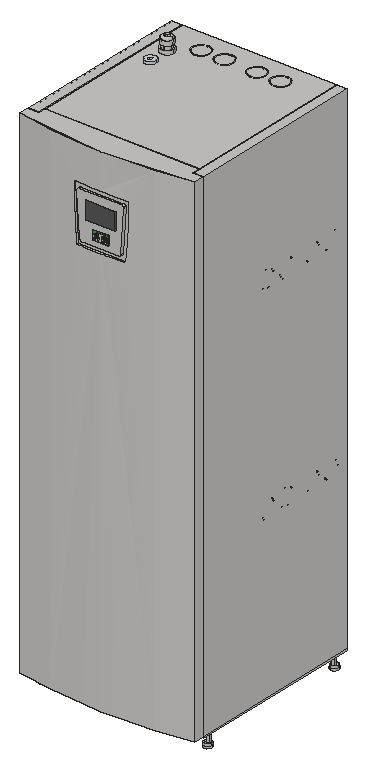
Revit family "HVAC_Heaters_Enertech_CTC-EcoPart-400 Pro", category Specialty Equipment, Revit 2017
Family settings
  Round Connector Dimension = Use Diameter
  Part Type = Normal
  OmniClass Number = 23.75.00.00
  OmniClass Title = Climate Control (HVAC)
  Work Plane-Based = No
  Always vertical = Yes
  Cut with Voids When Loaded = No
  Shared = No
  Room Calculation Point = No
Parameters (values of type "CTC EcoPart i430 Pro - 230V1N")
  Weight = "357 kg"
  WaterVolumeWaterSuply = "N/A"
  WaterVolumeHeathingSystem = "N/A"
  WarrantyStartDate [instance] = "n/a"
  WarrantyGuarantorParts = "n/a"
  WarrantyGuarantorLabor = "n/a"
  WarrantyDurationUnit = "Year"
  WarrantyDurationParts = "n/a"
  WarrantyDurationLabor = "n/a"
  WarrantyDescription = "n/a"
  VersionDate = "10/11/2020"  # constant formula
  Version = "1"  # constant formula
  UsageCurrent = 0 A
  Uniclass2015Reference = "Pr_40_70_65"
  Uniclass2015Description = "Preparation catering equipment"
  Uniclass2 = "Pr_40_70_65"
  URL = "https://ctc-heating.com/products/ground-source-heating"
  UNSPSCCode = "40101806"
  Type Comments = ""
  Touchscreen = "yes"
  TagNumber [instance] = "n/a"
  SustainabilityPerformance = "n/a"
  Status = "n/a"
  SpecifiedOutput = "28.94 kW"
  SoundPowerLWA = "53 dB"
  Sound pressureLPA 5m = "N/A"
  Sound pressureLPA 1m = "48 dB"
  Sound pressureLPA 10m = "N/A"
  Size = "673x596x1760 mm"
  Shape = "Rectangular"
  SerialNumber [instance] = "7310 xxxx xxxx"
  SEERWarm = "N/A"
  SEERModerate = "N/A"
  SEERCold = "N/A"
  SCOPWarm = "4.5"
  SCOPModerate = "4.6"
  SCOPCold = "4.6"
  Revision = "4"  # constant formula
  ReplacementCost = "n/a"
  RefrigerantType = "R407C"
  RefrigerantQuantity = "5.4 kg (2.7+2.7)"
  ReferenceAirFlowRate = "N/A"
  Reference = "n/a"
  RatedVoltage = 1200 V
  RatedHeatOutputModerate = "32 kw"
  RatedCurrent = 38 A
  PumpMainMaterial = Stainless Steel
  ProductInformation = "CTC EcoPart Pro/Basic is a series of large geothermal heat pumps without hotwater preparation. Using separate cooling modules, CTC EcoPart Pro/Basic is able to increase output in three stages. This provides gentler operation and better adaptation to the building's various output requirements. \nCTC EcoPart Pro/Basic is available in three sizes: 25, 30 and 35 kW which can be connected in series to produce up to 170 kW (1 x CTC EcoPart Pro + 4 x CTC EcoPart Basic). "
  PowerFactor = 0 W
  PhaseReference = "n/a"
  PhaseAngle = 0.00°
  OutputRangeIimmersionHeater = "N/A"
  OutputRange = "N/A"
  NumberOfPoles = 3
  NominalWidth = 596 mm
  NominalVoltage = 400 V
  NominalHeight = 1760 mm
  NominalHeatingOutput = "26/24"
  NominalFrequencyRange = 50 Hz
  NominalDepth = 673 mm
  NominalCurrent = 0 A
  Name = "CTC-EcoPart-400 Pro"  # constant formula
  NBSReference = "90-40-40/320"
  NBSDescription = "Air to water heat pumps"
  ModelReference = "n/a"
  ModelNumber = "587001002"
  MaxStartingCurrent = "60.0 A (30.0 + 30.0)"
  MaxOperatingPressureThermalStore = "3 bar"
  MaxOperatingPressureHotWater = "N/A"
  MaxAirFlowRate = "N/A"
  Material = "Steel/copper"
  ManufacturerURL = "https://ctc.se/"
  ManufacturerName = "Enertech AB"
  Model = "CTC EcoPart i430 Pro"
  ManufacturerCountry = "Sweden"
  Manufacturer = "Enertech AB"
  InsulationStandardClass = "n/a"
  InstallationDate [instance] = "n/a"
  InPutPower = "6.38 kW"
  IfcExportType = "HEATER"  # constant formula
  IfcExportAs = "IfcElectricalDeviceCommon"  # constant formula
  IP_Code = "IP X1"
  HotTapWaterPerformance = "N/A"
  HasProtectiveEarth = yes
  GroupFuse = "40 A"
  Grade = "n/a"
  Finish = "n/a"
  Features = "n/a"
  ExpectedLife = "n/a"
  EnergyEfficiencyClassForHeatingSystem = "A++/A++"
  EnergyEfficiencyClass = "A+++/A++"
  EnergyClass_HotWater_TapProfile = "N/A"
  EnergyClassHeatingWithoutControl = "A++"
  EnergyClassHeatingWithControl = "A+++"
  EANNumber = "7333077000646"
  DurationUnit = "Year"
  Description = "CTC EcoPart Pro/Basic is a series of large geothermal heat pumps without hotwater preparation. Using separate cooling modules, CTC EcoPart Pro/Basic is able to increase output in three stages. This provides gentler operation and better adaptation to the building's various output requirements. \nCTC EcoPart Pro/Basic is available in three sizes: 25, 30 and 35 kW which can be connected in series to produce up to 170 kW (1 x CTC EcoPart Pro + 4 x CTC EcoPart Basic). "
  Cost = 0
  CoolingModule_Bottom_Top = "414/410"
  ConvergoRefNr = "0091-1710-0005-SE"
  Constituents = "n/a"
  ConductorFunction = "n/a"
  Color = "white"
  CodePerformance = "n/a"
  Capacity = "Fixed"
  COPTop = "4.60/3.68/2.98"
  COPBottom = "4.54/3.64/2.95"
  COP = "4.54"
  CO2Equivalent = "9.579 tonnes"
  BrineSystem_Min_MaxPressure = "0.2 - 3.0 bar"
  Barcode [instance] = "n/a"
  AssetIdentifier [instance] = "n/a"
  Category = "Heat pumps, Geothermal"
  Brand = "CTC"
  BIMObjectName = "HVAC_Heaters_Enertech_CTC-EcoPart-400 Pro"  # constant formula
  Author = "Convergo AB"  # constant formula
  AssetType = "Fixed"
  Artikel nr. = ""
  AirFlow = "N/A"
  Accessories = ""
  AccessibilityPerformance = "n/a"
Reference planes
  plane 1 "Center (Front/Back)": y = 0
  plane 2: z = 0
  plane 3 "Center (Left/Right)": x = 0
  plane 4: x = -298
  plane 5: x = 298
  plane 6: y = 336.5
  plane 7: y = -336.5
  plane 8: z = 1760
Forms (mm)
  Extrusion 1, solid, material "Stainless Steel" <- "PumpMainMaterial", detail levels medium+fine
    sketch origin (0, 0, 0) x (1, 0, 0) y (0, 1, 0)
      loop
        line (-263, -247.014) -> (263, -247.014) -> (263, 336.5) -> (-263, 336.5) -> (-263, -247.014)
      loop
        line (261, 334.5) -> (-261, 334.5) -> (-261, -245.014) -> (261, -245.014) -> (261, 334.5)
    from 1757 to 52.5
  Extrusion 2, solid, material "Stainless Steel" <- "PumpMainMaterial", detail levels medium+fine
    sketch origin (0, 0, 0) x (1, 0, 0) y (0, 1, 0)
      loop
        line (-263, 336.5) -> (-263, -247.014) -> (263, -247.014) -> (263, 336.5) -> (-263, 336.5)
    from 1760 to 1757
  Extrusion 3, solid, material "Stainless Steel" <- "PumpMainMaterial", detail levels medium+fine
    sketch origin (0, 0, 0) x (1, 0, 0) y (0, 1, 0)
      loop
        line (-298, -273.014) -> (-263, -273.014) -> (-263, 336.5) -> (-298, 336.5) -> (-298, -273.014)
      loop
        line (-265, 334.5) -> (-296, 334.5) -> (-296, -271.014) -> (-265, -271.014) -> (-265, 334.5)
      loop
        line (298, -273.014) -> (298, 336.5) -> (263, 336.5) -> (263, -273.014) -> (298, -273.014)
      loop
        line (265, 334.5) -> (265, -271.014) -> (296, -271.014) -> (296, 334.5) -> (265, 334.5)
    from 52.5 to 1757
  Extrusion 4, solid, material "Stainless Steel" <- "PumpMainMaterial", detail levels medium+fine
    sketch origin (0, 0, 0) x (1, 0, 0) y (0, 1, 0)
      loop
        line (-298, -273.014) -> (-263, -273.014) -> (-263, 336.5) -> (-298, 336.5) -> (-298, -273.014)
      loop
        line (298, -273.014) -> (298, 336.5) -> (263, 336.5) -> (263, -273.014) -> (298, -273.014)
    from 1757 to 1760
  Extrusion 5, solid, material "Stainless Steel" <- "PumpMainMaterial", detail levels medium+fine
    sketch origin (0, 0, 0) x (1, 0, 0) y (0, 0, 1)
      loop
        line (-298, 52.518) -> (-298, 47.518) -> (-263, 47.518) -> (-263, 28) -> (263, 28) -> (263, 47.518) -> (298, 47.518) -> (298, 52.518) -> (-298, 52.518)
    from -336 to 272.514
  Extrusion 6, void
    sketch origin (0, 0, 0) x (1, 0, 0) y (0, 1, 0)
      loop
        arc (-135.992, 288.017) -> (-156.547, 279.105) -> (-165.459, 258.55) r 30.484
        line (-165.459, 258.55) -> (-163.458, 258.55)
        arc (-163.458, 258.55) -> (-155.133, 277.691) -> (-135.992, 286.016) r 28.484
        line (-135.992, 286.016) -> (-135.992, 288.017)
      loop
        line (-133.992, 288.017) -> (-133.992, 286.016)
        arc (-133.992, 286.016) -> (-114.851, 277.691) -> (-106.526, 258.55) r 28.484
        line (-106.526, 258.55) -> (-104.525, 258.55)
        arc (-104.525, 258.55) -> (-113.437, 279.105) -> (-133.992, 288.017) r 30.484
      loop
        arc (-165.459, 256.55) -> (-156.547, 235.995) -> (-135.992, 227.083) r 30.484
        line (-135.992, 227.083) -> (-135.992, 229.084)
        arc (-135.992, 229.084) -> (-155.133, 237.409) -> (-163.458, 256.55) r 28.484
        line (-163.458, 256.55) -> (-165.459, 256.55)
      loop
        line (-133.992, 229.084) -> (-133.992, 227.083)
        arc (-133.992, 227.083) -> (-113.437, 235.995) -> (-104.525, 256.55) r 30.484
        line (-104.525, 256.55) -> (-106.526, 256.55)
        arc (-106.526, 256.55) -> (-114.851, 237.409) -> (-133.992, 229.084) r 28.484
      loop
        arc (-55.992, 288.017) -> (-76.547, 279.105) -> (-85.459, 258.55) r 30.484
        line (-85.459, 258.55) -> (-83.458, 258.55)
        arc (-83.458, 258.55) -> (-75.133, 277.691) -> (-55.992, 286.016) r 28.484
        line (-55.992, 286.016) -> (-55.992, 288.017)
      loop
        line (-53.992, 288.017) -> (-53.992, 286.016)
        arc (-53.992, 286.016) -> (-34.851, 277.691) -> (-26.526, 258.55) r 28.484
        line (-26.526, 258.55) -> (-24.525, 258.55)
        arc (-24.525, 258.55) -> (-33.437, 279.105) -> (-53.992, 288.017) r 30.484
      loop
        arc (-85.459, 256.55) -> (-76.547, 235.995) -> (-55.992, 227.083) r 30.484
        line (-55.992, 227.083) -> (-55.992, 229.084)
        arc (-55.992, 229.084) -> (-75.133, 237.409) -> (-83.458, 256.55) r 28.484
        line (-83.458, 256.55) -> (-85.459, 256.55)
      loop
        line (-53.992, 229.084) -> (-53.992, 227.083)
        arc (-53.992, 227.083) -> (-33.437, 235.995) -> (-24.525, 256.55) r 30.484
        line (-24.525, 256.55) -> (-26.526, 256.55)
        arc (-26.526, 256.55) -> (-34.851, 237.409) -> (-53.992, 229.084) r 28.484
      loop
        line (135.992, 288.017) -> (135.992, 286.016)
        arc (135.992, 286.016) -> (155.133, 277.691) -> (163.458, 258.55) r 28.484
        line (163.458, 258.55) -> (165.459, 258.55)
        arc (165.459, 258.55) -> (156.547, 279.105) -> (135.992, 288.017) r 30.484
      loop
        arc (133.992, 288.017) -> (113.437, 279.105) -> (104.525, 258.55) r 30.484
        line (104.525, 258.55) -> (106.526, 258.55)
        arc (106.526, 258.55) -> (114.851, 277.691) -> (133.992, 286.016) r 28.484
        line (133.992, 286.016) -> (133.992, 288.017)
      loop
        line (165.459, 256.55) -> (163.458, 256.55)
        arc (163.458, 256.55) -> (155.133, 237.409) -> (135.992, 229.084) r 28.484
        line (135.992, 229.084) -> (135.992, 227.083)
        arc (135.992, 227.083) -> (156.547, 235.995) -> (165.459, 256.55) r 30.484
      loop
        arc (133.992, 229.084) -> (114.851, 237.409) -> (106.526, 256.55) r 28.484
        line (106.526, 256.55) -> (104.525, 256.55)
        arc (104.525, 256.55) -> (113.437, 235.995) -> (133.992, 227.083) r 30.484
        line (133.992, 227.083) -> (133.992, 229.084)
      loop
        line (55.992, 288.017) -> (55.992, 286.016)
        arc (55.992, 286.016) -> (75.133, 277.691) -> (83.458, 258.55) r 28.484
        line (83.458, 258.55) -> (85.459, 258.55)
        arc (85.459, 258.55) -> (76.547, 279.105) -> (55.992, 288.017) r 30.484
      loop
        arc (53.992, 288.017) -> (33.437, 279.105) -> (24.525, 258.55) r 30.484
        line (24.525, 258.55) -> (26.526, 258.55)
        arc (26.526, 258.55) -> (34.851, 277.691) -> (53.992, 286.016) r 28.484
        line (53.992, 286.016) -> (53.992, 288.017)
      loop
        line (85.459, 256.55) -> (83.458, 256.55)
        arc (83.458, 256.55) -> (75.133, 237.409) -> (55.992, 229.084) r 28.484
        line (55.992, 229.084) -> (55.992, 227.083)
        arc (55.992, 227.083) -> (76.547, 235.995) -> (85.459, 256.55) r 30.484
      loop
        arc (53.992, 229.084) -> (34.851, 237.409) -> (26.526, 256.55) r 28.484
        line (26.526, 256.55) -> (24.525, 256.55)
        arc (24.525, 256.55) -> (33.437, 235.995) -> (53.992, 227.083) r 30.484
        line (53.992, 227.083) -> (53.992, 229.084)
    from 1692.47 to 1786.05
  Extrusion 7, void
    sketch origin (0, 0, 0) x (0, 1, 0) y (0, 0, 1)
      loop
        line (266.984, 1360.467) -> (266.984, 1358.466)
        arc (266.984, 1358.466) -> (286.125, 1350.141) -> (294.45, 1331) r 28.484
        line (294.45, 1331) -> (296.451, 1331)
        arc (296.451, 1331) -> (287.539, 1351.555) -> (266.984, 1360.467) r 30.484
      loop
        arc (264.984, 1360.467) -> (244.428, 1351.555) -> (235.516, 1331) r 30.484
        line (235.516, 1331) -> (237.518, 1331)
        arc (237.518, 1331) -> (245.843, 1350.141) -> (264.984, 1358.466) r 28.484
        line (264.984, 1358.466) -> (264.984, 1360.467)
      loop
        line (296.451, 1329) -> (294.45, 1329)
        arc (294.45, 1329) -> (286.125, 1309.859) -> (266.984, 1301.534) r 28.484
        line (266.984, 1301.534) -> (266.984, 1299.533)
        arc (266.984, 1299.533) -> (287.539, 1308.445) -> (296.451, 1329) r 30.484
      loop
        arc (264.984, 1301.534) -> (245.843, 1309.859) -> (237.518, 1329) r 28.484
        line (237.518, 1329) -> (235.516, 1329)
        arc (235.516, 1329) -> (244.428, 1308.445) -> (264.984, 1299.533) r 30.484
        line (264.984, 1299.533) -> (264.984, 1301.534)
      loop
        line (186.984, 1360.467) -> (186.984, 1358.466)
        arc (186.984, 1358.466) -> (206.125, 1350.141) -> (214.45, 1331) r 28.484
        line (214.45, 1331) -> (216.451, 1331)
        arc (216.451, 1331) -> (207.539, 1351.555) -> (186.984, 1360.467) r 30.484
      loop
        arc (184.984, 1360.467) -> (164.428, 1351.555) -> (155.516, 1331) r 30.484
        line (155.516, 1331) -> (157.518, 1331)
        arc (157.518, 1331) -> (165.843, 1350.141) -> (184.984, 1358.466) r 28.484
        line (184.984, 1358.466) -> (184.984, 1360.467)
      loop
        line (216.451, 1329) -> (214.45, 1329)
        arc (214.45, 1329) -> (206.125, 1309.859) -> (186.984, 1301.534) r 28.484
        line (186.984, 1301.534) -> (186.984, 1299.533)
        arc (186.984, 1299.533) -> (207.539, 1308.445) -> (216.451, 1329) r 30.484
      loop
        arc (184.984, 1301.534) -> (165.843, 1309.859) -> (157.518, 1329) r 28.484
        line (157.518, 1329) -> (155.516, 1329)
        arc (155.516, 1329) -> (164.428, 1308.445) -> (184.984, 1299.533) r 30.484
        line (184.984, 1299.533) -> (184.984, 1301.534)
      loop
        arc (-5, 1360.467) -> (-25.555, 1351.555) -> (-34.467, 1331) r 30.484
        line (-34.467, 1331) -> (-32.466, 1331)
        arc (-32.466, 1331) -> (-24.141, 1350.141) -> (-5, 1358.466) r 28.484
        line (-5, 1358.466) -> (-5, 1360.467)
      loop
        line (-3, 1360.467) -> (-3, 1358.466)
        arc (-3, 1358.466) -> (16.141, 1350.141) -> (24.466, 1331) r 28.484
        line (24.466, 1331) -> (26.467, 1331)
        arc (26.467, 1331) -> (17.555, 1351.555) -> (-3, 1360.467) r 30.484
      loop
        arc (-34.467, 1329) -> (-25.555, 1308.445) -> (-5, 1299.533) r 30.484
        line (-5, 1299.533) -> (-5, 1301.534)
        arc (-5, 1301.534) -> (-24.141, 1309.859) -> (-32.466, 1329) r 28.484
        line (-32.466, 1329) -> (-34.467, 1329)
      loop
        line (-3, 1301.534) -> (-3, 1299.533)
        arc (-3, 1299.533) -> (17.555, 1308.445) -> (26.467, 1329) r 30.484
        line (26.467, 1329) -> (24.466, 1329)
        arc (24.466, 1329) -> (16.141, 1309.859) -> (-3, 1301.534) r 28.484
      loop
        arc (75, 1360.467) -> (54.445, 1351.555) -> (45.533, 1331) r 30.484
        line (45.533, 1331) -> (47.534, 1331)
        arc (47.534, 1331) -> (55.859, 1350.141) -> (75, 1358.466) r 28.484
        line (75, 1358.466) -> (75, 1360.467)
      loop
        line (77, 1360.467) -> (77, 1358.466)
        arc (77, 1358.466) -> (96.141, 1350.141) -> (104.466, 1331) r 28.484
        line (104.466, 1331) -> (106.467, 1331)
        arc (106.467, 1331) -> (97.555, 1351.555) -> (77, 1360.467) r 30.484
      loop
        arc (45.533, 1329) -> (54.445, 1308.445) -> (75, 1299.533) r 30.484
        line (75, 1299.533) -> (75, 1301.534)
        arc (75, 1301.534) -> (55.859, 1309.859) -> (47.534, 1329) r 28.484
        line (47.534, 1329) -> (45.533, 1329)
      loop
        line (77, 1301.534) -> (77, 1299.533)
        arc (77, 1299.533) -> (97.555, 1308.445) -> (106.467, 1329) r 30.484
        line (106.467, 1329) -> (104.466, 1329)
        arc (104.466, 1329) -> (96.141, 1309.859) -> (77, 1301.534) r 28.484
      loop
        line (266.984, 660.467) -> (266.984, 658.466)
        arc (266.984, 658.466) -> (286.125, 650.141) -> (294.45, 631) r 28.484
        line (294.45, 631) -> (296.451, 631)
        arc (296.451, 631) -> (287.539, 651.555) -> (266.984, 660.467) r 30.484
      loop
        arc (264.984, 660.467) -> (244.428, 651.555) -> (235.516, 631) r 30.484
        line (235.516, 631) -> (237.518, 631)
        arc (237.518, 631) -> (245.843, 650.141) -> (264.984, 658.466) r 28.484
        line (264.984, 658.466) -> (264.984, 660.467)
      loop
        line (296.451, 629) -> (294.45, 629)
        arc (294.45, 629) -> (286.125, 609.859) -> (266.984, 601.534) r 28.484
        line (266.984, 601.534) -> (266.984, 599.533)
        arc (266.984, 599.533) -> (287.539, 608.445) -> (296.451, 629) r 30.484
      loop
        arc (264.984, 601.534) -> (245.843, 609.859) -> (237.518, 629) r 28.484
        line (237.518, 629) -> (235.516, 629)
        arc (235.516, 629) -> (244.428, 608.445) -> (264.984, 599.533) r 30.484
        line (264.984, 599.533) -> (264.984, 601.534)
      loop
        line (186.984, 660.467) -> (186.984, 658.466)
        arc (186.984, 658.466) -> (206.125, 650.141) -> (214.45, 631) r 28.484
        line (214.45, 631) -> (216.451, 631)
        arc (216.451, 631) -> (207.539, 651.555) -> (186.984, 660.467) r 30.484
      loop
        arc (184.984, 660.467) -> (164.428, 651.555) -> (155.516, 631) r 30.484
        line (155.516, 631) -> (157.518, 631)
        arc (157.518, 631) -> (165.843, 650.141) -> (184.984, 658.466) r 28.484
        line (184.984, 658.466) -> (184.984, 660.467)
      loop
        line (216.451, 629) -> (214.45, 629)
        arc (214.45, 629) -> (206.125, 609.859) -> (186.984, 601.534) r 28.484
        line (186.984, 601.534) -> (186.984, 599.533)
        arc (186.984, 599.533) -> (207.539, 608.445) -> (216.451, 629) r 30.484
      loop
        arc (184.984, 601.534) -> (165.843, 609.859) -> (157.518, 629) r 28.484
        line (157.518, 629) -> (155.516, 629)
        arc (155.516, 629) -> (164.428, 608.445) -> (184.984, 599.533) r 30.484
        line (184.984, 599.533) -> (184.984, 601.534)
      loop
        arc (-5, 660.467) -> (-25.555, 651.555) -> (-34.467, 631) r 30.484
        line (-34.467, 631) -> (-32.466, 631)
        arc (-32.466, 631) -> (-24.141, 650.141) -> (-5, 658.466) r 28.484
        line (-5, 658.466) -> (-5, 660.467)
      loop
        line (-3, 660.467) -> (-3, 658.466)
        arc (-3, 658.466) -> (16.141, 650.141) -> (24.466, 631) r 28.484
        line (24.466, 631) -> (26.467, 631)
        arc (26.467, 631) -> (17.555, 651.555) -> (-3, 660.467) r 30.484
      loop
        arc (-34.467, 629) -> (-25.555, 608.445) -> (-5, 599.533) r 30.484
        line (-5, 599.533) -> (-5, 601.534)
        arc (-5, 601.534) -> (-24.141, 609.859) -> (-32.466, 629) r 28.484
        line (-32.466, 629) -> (-34.467, 629)
      loop
        line (-3, 601.534) -> (-3, 599.533)
        arc (-3, 599.533) -> (17.555, 608.445) -> (26.467, 629) r 30.484
        line (26.467, 629) -> (24.466, 629)
        arc (24.466, 629) -> (16.141, 609.859) -> (-3, 601.534) r 28.484
      loop
        arc (75, 660.467) -> (54.445, 651.555) -> (45.533, 631) r 30.484
        line (45.533, 631) -> (47.534, 631)
        arc (47.534, 631) -> (55.859, 650.141) -> (75, 658.466) r 28.484
        line (75, 658.466) -> (75, 660.467)
      loop
        line (77, 660.467) -> (77, 658.466)
        arc (77, 658.466) -> (96.141, 650.141) -> (104.466, 631) r 28.484
        line (104.466, 631) -> (106.467, 631)
        arc (106.467, 631) -> (97.555, 651.555) -> (77, 660.467) r 30.484
      loop
        arc (45.533, 629) -> (54.445, 608.445) -> (75, 599.533) r 30.484
        line (75, 599.533) -> (75, 601.534)
        arc (75, 601.534) -> (55.859, 609.859) -> (47.534, 629) r 28.484
        line (47.534, 629) -> (45.533, 629)
      loop
        line (77, 601.534) -> (77, 599.533)
        arc (77, 599.533) -> (97.555, 608.445) -> (106.467, 629) r 30.484
        line (106.467, 629) -> (104.466, 629)
        arc (104.466, 629) -> (96.141, 609.859) -> (77, 601.534) r 28.484
    from 298 to -298
  Extrusion 8, void
    sketch origin (0, 0, 0) x (1, 0, 0) y (0, 0, 1)
      loop
        line (135.984, 1360.467) -> (135.984, 1358.466)
        arc (135.984, 1358.466) -> (155.125, 1350.141) -> (163.45, 1331) r 28.484
        line (163.45, 1331) -> (165.451, 1331)
        arc (165.451, 1331) -> (156.539, 1351.555) -> (135.984, 1360.467) r 30.484
      loop
        arc (133.984, 1360.467) -> (113.428, 1351.555) -> (104.516, 1331) r 30.484
        line (104.516, 1331) -> (106.518, 1331)
        arc (106.518, 1331) -> (114.843, 1350.141) -> (133.984, 1358.466) r 28.484
        line (133.984, 1358.466) -> (133.984, 1360.467)
      loop
        line (165.451, 1329) -> (163.45, 1329)
        arc (163.45, 1329) -> (155.125, 1309.859) -> (135.984, 1301.534) r 28.484
        line (135.984, 1301.534) -> (135.984, 1299.533)
        arc (135.984, 1299.533) -> (156.539, 1308.445) -> (165.451, 1329) r 30.484
      loop
        arc (133.984, 1301.534) -> (114.843, 1309.859) -> (106.518, 1329) r 28.484
        line (106.518, 1329) -> (104.516, 1329)
        arc (104.516, 1329) -> (113.428, 1308.445) -> (133.984, 1299.533) r 30.484
        line (133.984, 1299.533) -> (133.984, 1301.534)
      loop
        line (55.984, 1360.467) -> (55.984, 1358.466)
        arc (55.984, 1358.466) -> (75.125, 1350.141) -> (83.45, 1331) r 28.484
        line (83.45, 1331) -> (85.451, 1331)
        arc (85.451, 1331) -> (76.539, 1351.555) -> (55.984, 1360.467) r 30.484
      loop
        arc (53.984, 1360.467) -> (33.428, 1351.555) -> (24.516, 1331) r 30.484
        line (24.516, 1331) -> (26.518, 1331)
        arc (26.518, 1331) -> (34.843, 1350.141) -> (53.984, 1358.466) r 28.484
        line (53.984, 1358.466) -> (53.984, 1360.467)
      loop
        line (85.451, 1329) -> (83.45, 1329)
        arc (83.45, 1329) -> (75.125, 1309.859) -> (55.984, 1301.534) r 28.484
        line (55.984, 1301.534) -> (55.984, 1299.533)
        arc (55.984, 1299.533) -> (76.539, 1308.445) -> (85.451, 1329) r 30.484
      loop
        arc (53.984, 1301.534) -> (34.843, 1309.859) -> (26.518, 1329) r 28.484
        line (26.518, 1329) -> (24.516, 1329)
        arc (24.516, 1329) -> (33.428, 1308.445) -> (53.984, 1299.533) r 30.484
        line (53.984, 1299.533) -> (53.984, 1301.534)
      loop
        arc (-136, 1360.467) -> (-156.555, 1351.555) -> (-165.467, 1331) r 30.484
        line (-165.467, 1331) -> (-163.466, 1331)
        arc (-163.466, 1331) -> (-155.141, 1350.141) -> (-136, 1358.466) r 28.484
        line (-136, 1358.466) -> (-136, 1360.467)
      loop
        line (-134, 1360.467) -> (-134, 1358.466)
        arc (-134, 1358.466) -> (-114.859, 1350.141) -> (-106.534, 1331) r 28.484
        line (-106.534, 1331) -> (-104.533, 1331)
        arc (-104.533, 1331) -> (-113.445, 1351.555) -> (-134, 1360.467) r 30.484
      loop
        arc (-165.467, 1329) -> (-156.555, 1308.445) -> (-136, 1299.533) r 30.484
        line (-136, 1299.533) -> (-136, 1301.534)
        arc (-136, 1301.534) -> (-155.141, 1309.859) -> (-163.466, 1329) r 28.484
        line (-163.466, 1329) -> (-165.467, 1329)
      loop
        line (-134, 1301.534) -> (-134, 1299.533)
        arc (-134, 1299.533) -> (-113.445, 1308.445) -> (-104.533, 1329) r 30.484
        line (-104.533, 1329) -> (-106.534, 1329)
        arc (-106.534, 1329) -> (-114.859, 1309.859) -> (-134, 1301.534) r 28.484
      loop
        arc (-56, 1360.467) -> (-76.555, 1351.555) -> (-85.467, 1331) r 30.484
        line (-85.467, 1331) -> (-83.466, 1331)
        arc (-83.466, 1331) -> (-75.141, 1350.141) -> (-56, 1358.466) r 28.484
        line (-56, 1358.466) -> (-56, 1360.467)
      loop
        line (-54, 1360.467) -> (-54, 1358.466)
        arc (-54, 1358.466) -> (-34.859, 1350.141) -> (-26.534, 1331) r 28.484
        line (-26.534, 1331) -> (-24.533, 1331)
        arc (-24.533, 1331) -> (-33.445, 1351.555) -> (-54, 1360.467) r 30.484
      loop
        arc (-85.467, 1329) -> (-76.555, 1308.445) -> (-56, 1299.533) r 30.484
        line (-56, 1299.533) -> (-56, 1301.534)
        arc (-56, 1301.534) -> (-75.141, 1309.859) -> (-83.466, 1329) r 28.484
        line (-83.466, 1329) -> (-85.467, 1329)
      loop
        line (-54, 1301.534) -> (-54, 1299.533)
        arc (-54, 1299.533) -> (-33.445, 1308.445) -> (-24.533, 1329) r 30.484
        line (-24.533, 1329) -> (-26.534, 1329)
        arc (-26.534, 1329) -> (-34.859, 1309.859) -> (-54, 1301.534) r 28.484
      loop
        line (135.984, 660.467) -> (135.984, 658.466)
        arc (135.984, 658.466) -> (155.125, 650.141) -> (163.45, 631) r 28.484
        line (163.45, 631) -> (165.451, 631)
        arc (165.451, 631) -> (156.539, 651.555) -> (135.984, 660.467) r 30.484
      loop
        arc (133.984, 660.467) -> (113.428, 651.555) -> (104.516, 631) r 30.484
        line (104.516, 631) -> (106.518, 631)
        arc (106.518, 631) -> (114.843, 650.141) -> (133.984, 658.466) r 28.484
        line (133.984, 658.466) -> (133.984, 660.467)
      loop
        line (165.451, 629) -> (163.45, 629)
        arc (163.45, 629) -> (155.125, 609.859) -> (135.984, 601.534) r 28.484
        line (135.984, 601.534) -> (135.984, 599.533)
        arc (135.984, 599.533) -> (156.539, 608.445) -> (165.451, 629) r 30.484
      loop
        arc (133.984, 601.534) -> (114.843, 609.859) -> (106.518, 629) r 28.484
        line (106.518, 629) -> (104.516, 629)
        arc (104.516, 629) -> (113.428, 608.445) -> (133.984, 599.533) r 30.484
        line (133.984, 599.533) -> (133.984, 601.534)
      loop
        line (55.984, 660.467) -> (55.984, 658.466)
        arc (55.984, 658.466) -> (75.125, 650.141) -> (83.45, 631) r 28.484
        line (83.45, 631) -> (85.451, 631)
        arc (85.451, 631) -> (76.539, 651.555) -> (55.984, 660.467) r 30.484
      loop
        arc (53.984, 660.467) -> (33.428, 651.555) -> (24.516, 631) r 30.484
        line (24.516, 631) -> (26.518, 631)
        arc (26.518, 631) -> (34.843, 650.141) -> (53.984, 658.466) r 28.484
        line (53.984, 658.466) -> (53.984, 660.467)
      loop
        line (85.451, 629) -> (83.45, 629)
        arc (83.45, 629) -> (75.125, 609.859) -> (55.984, 601.534) r 28.484
        line (55.984, 601.534) -> (55.984, 599.533)
        arc (55.984, 599.533) -> (76.539, 608.445) -> (85.451, 629) r 30.484
      loop
        arc (53.984, 601.534) -> (34.843, 609.859) -> (26.518, 629) r 28.484
        line (26.518, 629) -> (24.516, 629)
        arc (24.516, 629) -> (33.428, 608.445) -> (53.984, 599.533) r 30.484
        line (53.984, 599.533) -> (53.984, 601.534)
      loop
        arc (-136, 660.467) -> (-156.555, 651.555) -> (-165.467, 631) r 30.484
        line (-165.467, 631) -> (-163.466, 631)
        arc (-163.466, 631) -> (-155.141, 650.141) -> (-136, 658.466) r 28.484
        line (-136, 658.466) -> (-136, 660.467)
      loop
        line (-134, 660.467) -> (-134, 658.466)
        arc (-134, 658.466) -> (-114.859, 650.141) -> (-106.534, 631) r 28.484
        line (-106.534, 631) -> (-104.533, 631)
        arc (-104.533, 631) -> (-113.445, 651.555) -> (-134, 660.467) r 30.484
      loop
        arc (-165.467, 629) -> (-156.555, 608.445) -> (-136, 599.533) r 30.484
        line (-136, 599.533) -> (-136, 601.534)
        arc (-136, 601.534) -> (-155.141, 609.859) -> (-163.466, 629) r 28.484
        line (-163.466, 629) -> (-165.467, 629)
      loop
        line (-134, 601.534) -> (-134, 599.533)
        arc (-134, 599.533) -> (-113.445, 608.445) -> (-104.533, 629) r 30.484
        line (-104.533, 629) -> (-106.534, 629)
        arc (-106.534, 629) -> (-114.859, 609.859) -> (-134, 601.534) r 28.484
      loop
        arc (-56, 660.467) -> (-76.555, 651.555) -> (-85.467, 631) r 30.484
        line (-85.467, 631) -> (-83.466, 631)
        arc (-83.466, 631) -> (-75.141, 650.141) -> (-56, 658.466) r 28.484
        line (-56, 658.466) -> (-56, 660.467)
      loop
        line (-54, 660.467) -> (-54, 658.466)
        arc (-54, 658.466) -> (-34.859, 650.141) -> (-26.534, 631) r 28.484
        line (-26.534, 631) -> (-24.533, 631)
        arc (-24.533, 631) -> (-33.445, 651.555) -> (-54, 660.467) r 30.484
      loop
        arc (-85.467, 629) -> (-76.555, 608.445) -> (-56, 599.533) r 30.484
        line (-56, 599.533) -> (-56, 601.534)
        arc (-56, 601.534) -> (-75.141, 609.859) -> (-83.466, 629) r 28.484
        line (-83.466, 629) -> (-85.467, 629)
      loop
        line (-54, 601.534) -> (-54, 599.533)
        arc (-54, 599.533) -> (-33.445, 608.445) -> (-24.533, 629) r 30.484
        line (-24.533, 629) -> (-26.534, 629)
        arc (-26.534, 629) -> (-34.859, 609.859) -> (-54, 601.534) r 28.484
    from -303.059 to -367.702
  Extrusion 9, solid, detail levels medium+fine
    sketch origin (0, 0, 0) x (1, 0, 0) y (0, 0, 1)
      loop
        circle (224.507, 1674.571) r 14
      loop
        circle (224.507, 1674.571) r 12.4
      loop
        circle (224.507, 1624.571) r 14
      loop
        circle (224.507, 1624.571) r 12.4
      loop
        circle (224.507, 1574.571) r 14
      loop
        circle (224.507, 1574.571) r 12.4
      loop
        circle (-224.507, 1674.571) r 14
      loop
        circle (-224.507, 1674.571) r 12.4
      loop
        circle (-224.507, 1624.571) r 14
      loop
        circle (-224.507, 1624.571) r 12.4
      loop
        circle (-224.507, 1574.571) r 14
      loop
        circle (-224.507, 1574.571) r 12.4
    from -341 to -340
  Extrusion 10, solid, material "Stainless Steel" <- "PumpMainMaterial", detail levels medium+fine
    sketch origin (0, 0, 0) x (0, 1, 0) y (0, 0, 1)
      loop
        line (-117.429, 26) -> (-99.086, 26)
        arc (-99.086, 26) -> (-98.32, 25.848) -> (-97.671, 25.414) r 2
        line (-97.671, 25.414) -> (-89.085, 16.828)
        arc (-89.085, 16.828) -> (-86.256, 15.656) -> (-83.428, 16.828) r 4
        line (-83.428, 16.828) -> (-75.261, 24.995) -> (-76.675, 26.409) -> (-84.842, 18.242)
        arc (-84.842, 18.242) -> (-86.256, 17.656) -> (-87.671, 18.242) r 2
        line (-87.671, 18.242) -> (-96.257, 26.828)
        arc (-96.257, 26.828) -> (-97.555, 27.696) -> (-99.086, 28) r 4
        line (-99.086, 28) -> (-117.429, 28)
        arc (-117.429, 28) -> (-118.96, 27.696) -> (-120.257, 26.828) r 4
        line (-120.257, 26.828) -> (-128.844, 18.242)
        arc (-128.844, 18.242) -> (-130.258, 17.656) -> (-131.672, 18.242) r 2
        line (-131.672, 18.242) -> (-139.839, 26.409) -> (-141.253, 24.995) -> (-133.086, 16.828)
        arc (-133.086, 16.828) -> (-130.258, 15.656) -> (-127.429, 16.828) r 4
        line (-127.429, 16.828) -> (-118.843, 25.414)
        arc (-118.843, 25.414) -> (-118.194, 25.848) -> (-117.429, 26) r 2
      loop
        arc (180.914, 26) -> (181.68, 25.848) -> (182.329, 25.414) r 2
        line (182.329, 25.414) -> (190.915, 16.828)
        arc (190.915, 16.828) -> (193.744, 15.656) -> (196.572, 16.828) r 4
        line (196.572, 16.828) -> (204.739, 24.995) -> (203.325, 26.409) -> (195.158, 18.242)
        arc (195.158, 18.242) -> (193.744, 17.656) -> (192.329, 18.242) r 2
        line (192.329, 18.242) -> (183.743, 26.828)
        arc (183.743, 26.828) -> (182.445, 27.696) -> (180.914, 28) r 4
        line (180.914, 28) -> (162.571, 28)
        arc (162.571, 28) -> (161.04, 27.696) -> (159.743, 26.828) r 4
        line (159.743, 26.828) -> (151.156, 18.242)
        arc (151.156, 18.242) -> (149.742, 17.656) -> (148.328, 18.242) r 2
        line (148.328, 18.242) -> (140.161, 26.409) -> (138.747, 24.995) -> (146.914, 16.828)
        arc (146.914, 16.828) -> (149.742, 15.656) -> (152.571, 16.828) r 4
        line (152.571, 16.828) -> (161.157, 25.414)
        arc (161.157, 25.414) -> (161.806, 25.848) -> (162.571, 26) r 2
        line (162.571, 26) -> (180.914, 26)
    from 255.5 to -255.5
  Revolve 11, solid, material "Stainless Steel" <- "PumpMainMaterial", detail levels medium+fine
    sketch origin (0, 307.895, 0) x (1, 0, 0) y (0, 0, 1)
      loop
        line (-279.5, 12) -> (-279.5, 0) -> (-265.125, 0) -> (-265.125, 4) -> (-267.125, 4) -> (-267.125, 12) -> (-279.5, 12)
      axis (-279.5, 12) -> (-279.5, 0)
    angle from 0 to 360
  Revolve 12, solid, material "Stainless Steel" <- "PumpMainMaterial", detail levels medium+fine
    sketch origin (0, 307.895, 0) x (-1, 0, 0) y (0, 0, 1)
      loop
        line (-279.5, 12) -> (-279.5, 0) -> (-265.125, 0) -> (-265.125, 4) -> (-267.125, 4) -> (-267.125, 12) -> (-279.5, 12)
      axis (-279.5, 12) -> (-279.5, 0)
    angle from 0 to 360
  Revolve 13, solid, material "Stainless Steel" <- "PumpMainMaterial", detail levels medium+fine
    sketch origin (0, -232.139, 0) x (1, 0, 0) y (0, 0, 1)
      loop
        line (-279.5, 12) -> (-279.5, 0) -> (-265.125, 0) -> (-265.125, 4) -> (-267.125, 4) -> (-267.125, 12) -> (-279.5, 12)
      axis (-279.5, 12) -> (-279.5, 0)
    angle from 0 to 360
  Revolve 14, solid, material "Stainless Steel" <- "PumpMainMaterial", detail levels medium+fine
    sketch origin (0, -232.139, 0) x (-1, 0, 0) y (0, 0, 1)
      loop
        line (-279.5, 12) -> (-279.5, 0) -> (-265.125, 0) -> (-265.125, 4) -> (-267.125, 4) -> (-267.125, 12) -> (-279.5, 12)
      axis (-279.5, 12) -> (-279.5, 0)
    angle from 0 to 360
  Extrusion 15, solid, material "Stainless Steel" <- "PumpMainMaterial", detail levels medium+fine
    sketch origin (0, 0, 0) x (1, 0, 0) y (0, 1, 0)
      loop
        circle (-279.5, 304.395) r 5
      loop
        circle (-279.5, -228.639) r 5
      loop
        circle (279.5, 304.395) r 5
      loop
        circle (279.5, -228.639) r 5
    from 47.518 to 12
  Blend 16, solid, material "Stainless Steel" <- "PumpMainMaterial", detail levels medium+fine
    base sketch origin (0, 0, 0) x (1, 0, 0) y (0, 1, 0)
      loop
        line (263, -247.014) -> (-263, -247.014) -> (-263, -273.014) -> (-298, -273.014) -> (-298, -309.797)
        arc (-298, -309.797) -> (0, -336.603) -> (298, -309.797) r 1669.83
        line (298, -309.797) -> (298, -273.014) -> (263, -273.014) -> (263, -247.014)
    top sketch origin (0, 0, 0) x (1, 0, 0) y (0, 1, 0)
      loop
        line (263, -247.014) -> (-263, -247.014) -> (-263, -273.014) -> (-298, -273.014) -> (-298, -308.757)
        arc (-298, -308.757) -> (0, -336.558) -> (298, -308.757) r 1610.992
        line (298, -308.757) -> (298, -273.014) -> (263, -273.014) -> (263, -247.014)
    from 52.5 to 1760
  Extrusion 17, void
    sketch origin (0, 0, 0) x (1, 0, 0) y (0, 0, 1)
      loop
        line (93, 1638.587) -> (-93, 1638.587)
        arc (-93, 1638.587) -> (-91.512, 1543.484) -> (-83.299, 1448.723) r 1343.594
        line (-83.299, 1448.723) -> (83.299, 1448.723)
        arc (83.299, 1448.723) -> (91.512, 1543.484) -> (93, 1638.587) r 1343.594
    from 344.861 to 330.394
  Extrusion 18, solid, material "Stainless Steel", detail levels medium+fine
    sketch origin (0, 0, 0) x (1, 0, 0) y (0, 0, 1)
      loop
        arc (-71.512, 1623.318) -> (-77.15, 1620.993) -> (-79.512, 1615.37) r 8
        arc (-79.512, 1615.37) -> (-77.259, 1542.94) -> (-69.564, 1470.884) r 962.676
        arc (-69.564, 1470.884) -> (-66.882, 1465.983) -> (-61.647, 1464.032) r 8
        line (-61.647, 1464.032) -> (61.647, 1464.032)
        arc (61.647, 1464.032) -> (66.882, 1465.983) -> (69.564, 1470.884) r 8
        arc (69.564, 1470.884) -> (77.259, 1542.94) -> (79.512, 1615.37) r 962.676
        arc (79.512, 1615.37) -> (77.15, 1620.993) -> (71.512, 1623.318) r 8
        line (71.512, 1623.318) -> (-71.512, 1623.318)
    from 339 to 330.394
  Extrusion 19, solid, material "Green", detail levels medium+fine
    sketch origin (0, 0, -171.843) x (1, 0, 0) y (0, 0, 1)
      loop
        arc (-25.5, 1686.518) -> (-26.914, 1685.932) -> (-27.5, 1684.518) r 2
        line (-27.5, 1684.518) -> (-27.5, 1655.518)
        arc (-27.5, 1655.518) -> (-26.914, 1654.103) -> (-25.5, 1653.518) r 2
        line (-25.5, 1653.518) -> (25.5, 1653.518)
        arc (25.5, 1653.518) -> (26.914, 1654.103) -> (27.5, 1655.518) r 2
        line (27.5, 1655.518) -> (27.5, 1684.518)
        arc (27.5, 1684.518) -> (26.914, 1685.932) -> (25.5, 1686.518) r 2
        line (25.5, 1686.518) -> (-25.5, 1686.518)
    from 339.5 to 339
  Extrusion 20, solid, material "Stainless Steel" <- "PumpMainMaterial", detail levels medium+fine
    sketch origin (0, 0, -204.843) x (1, 0, 0) y (0, 0, 1)
      loop
        line (3.815, 1710.351) -> (11.698, 1710.357) -> (11.698, 1715.677) -> (-11.698, 1715.677) -> (-11.698, 1710.336) -> (-3.818, 1710.344) -> (-3.81, 1690.398) -> (3.815, 1690.398) -> (3.815, 1710.351)
      loop
        spline (24.54, 1702.497) -> (22.341, 1706.572) -> (18.495, 1709.152) -> (13.888, 1709.644) -> (9.584, 1707.934) -> (6.572, 1704.417) -> (5.548, 1699.902) -> (6.747, 1695.43) -> (9.893, 1692.032) -> (14.261, 1690.49) -> (18.844, 1691.161) -> (22.587, 1693.888) -> (24.627, 1698.045)
        line (24.627, 1698.045) -> (18.433, 1698.045)
        spline (18.433, 1698.045) -> (17.635, 1695.915) -> (16.341, 1694.569) -> (14.815, 1694.279) -> (13.364, 1695.105) -> (12.285, 1696.88) -> (11.795, 1699.242) -> (11.994, 1701.714) -> (12.842, 1703.793) -> (14.166, 1705.058) -> (15.698, 1705.253) -> (17.128, 1704.337) -> (18.165, 1702.497)
        line (18.165, 1702.497) -> (24.54, 1702.497)
      loop
        spline (-5.46, 1702.497) -> (-7.659, 1706.572) -> (-11.505, 1709.152) -> (-16.112, 1709.644) -> (-20.416, 1707.934) -> (-23.428, 1704.417) -> (-24.452, 1699.902) -> (-23.253, 1695.43) -> (-20.107, 1692.032) -> (-15.739, 1690.49) -> (-11.156, 1691.161) -> (-7.413, 1693.888) -> (-5.373, 1698.045)
        line (-5.373, 1698.045) -> (-11.567, 1698.045)
        spline (-11.567, 1698.045) -> (-12.365, 1695.915) -> (-13.659, 1694.569) -> (-15.185, 1694.279) -> (-16.636, 1695.105) -> (-17.715, 1696.88) -> (-18.205, 1699.242) -> (-18.006, 1701.714) -> (-17.158, 1703.793) -> (-15.834, 1705.058) -> (-14.302, 1705.253) -> (-12.872, 1704.337) -> (-11.835, 1702.497)
        line (-11.835, 1702.497) -> (-5.46, 1702.497)
    from 339.5 to 340
  Extrusion 21, solid, material "Black", detail levels medium+fine
    sketch origin (0, 0, 0) x (1, 0, 0) y (0, 0, 1)
      loop
        line (-50.67, 1596.158) -> (-50.67, 1536.092) -> (50.67, 1536.092) -> (50.67, 1596.158) -> (-50.67, 1596.158)
    from 339 to 339.5
  Extrusion 22, solid, detail levels medium+fine
    sketch origin (0, 0, 0) x (1, 0, 0) y (0, 1, 0)
      loop
        circle (-205.108, 130.616) r 19.248
      loop
        circle (-205.108, 130.616) r 7.026
    from 1760 to 1766
  Revolve 23, solid, material "Stainless Steel" <- "PumpMainMaterial", detail levels medium+fine
    sketch origin (895.25, 200.616, -2.95) x (1, 0, 0) y (0, 0, 1)
      loop
        line (-1078.358, 1762.95) -> (-1078.358, 1773.95) -> (-1084.337, 1773.95) -> (-1084.337, 1788.15) -> (-1080.241, 1788.15) -> (-1080.241, 1801.909) -> (-1082.574, 1803.255)
        arc (-1082.574, 1803.255) -> (-1084.443, 1807.898) -> (-1089.009, 1809.95) r 6.7
        line (-1089.009, 1809.95) -> (-1100.358, 1809.95) -> (-1100.358, 1762.95) -> (-1078.358, 1762.95)
      axis (-1100.358, 1809.95) -> (-1100.358, 1762.95)
    angle from 0 to 360
  Extrusion 24, void
    sketch origin (0, 0, 0) x (1, 0, 0) y (0, 1, 0)
      loop
        circle (-205.108, 197.116) r 5.5
    from 1760 to 1807
  Extrusion 25, solid, material "Stainless Steel" <- "PumpMainMaterial", detail levels coarse
    sketch origin (0, 0, 0) x (1, 0, 0) y (0, 1, 0)
      loop
        line (-298, -336.5) -> (298, -336.5) -> (298, 336.5) -> (-298, 336.5) -> (-298, -336.5)
    from 0 to 1760
  Extrusion 26, solid, detail levels medium+fine
    sketch origin (0, 0, 0) x (1, 0, 0) y (0, 1, 0)
      loop
        circle (-134.992, 257.55) r 28.484
      loop
        circle (-54.992, 257.55) r 28.484
      loop
        circle (54.992, 257.55) r 28.484
      loop
        circle (134.992, 257.55) r 28.484
    from 1756 to 1757
  Extrusion 27, solid, detail levels medium+fine
    sketch origin (0, 0, 0) x (0, 1, 0) y (0, 0, 1)
      loop
        circle (262.484, 630) r 28.484
      loop
        circle (185.984, 630) r 28.484
      loop
        circle (76, 630) r 28.484
      loop
        circle (-4, 630) r 28.484
      loop
        circle (-4, 1330) r 28.484
      loop
        circle (76, 1330) r 28.484
      loop
        circle (185.984, 1330) r 28.484
      loop
        circle (262.484, 1330) r 28.484
    from -296 to -295
  Extrusion 28, solid, detail levels medium+fine
    sketch origin (0, 0, 0) x (0, 1, 0) y (0, 0, -1)
      loop
        circle (262.484, -630) r 28.484
      loop
        circle (185.984, -630) r 28.484
      loop
        circle (76, -630) r 28.484
      loop
        circle (-4, -630) r 28.484
      loop
        circle (-4, -1330) r 28.484
      loop
        circle (76, -1330) r 28.484
      loop
        circle (185.984, -1330) r 28.484
      loop
        circle (262.484, -1330) r 28.484
    from -296 to -295
  Extrusion 29, solid, material "Stainless Steel" <- "PumpMainMaterial", detail levels medium+fine
    sketch origin (0, 0, 0) x (1, 0, 0) y (0, 0, 1)
      loop
        circle (134.984, 1330) r 28.484
      loop
        circle (54.984, 1330) r 28.484
      loop
        circle (-55, 1330) r 28.484
      loop
        circle (-135, 1330) r 28.484
      loop
        circle (-135, 630) r 28.484
      loop
        circle (-55, 630) r 28.484
      loop
        circle (54.984, 630) r 28.484
      loop
        circle (134.984, 630) r 28.484
    from -338 to -337
Cuts and joins
  Extrusion 7 cuts Extrusion 3
  Extrusion 7 cuts Extrusion 4
  joined: Extrusion 3, Extrusion 4
  Extrusion 6, Extrusion 7, Extrusion 8, Extrusion 17, Extrusion 24 cuts Extrusion 1
  Extrusion 6, Extrusion 7, Extrusion 8, Extrusion 17, Extrusion 24 cuts Extrusion 2
  joined: Extrusion 1, Extrusion 2
  Extrusion 17 cuts Blend 16
  Extrusion 24 cuts Extrusion 5
  Extrusion 24 cuts Extrusion 10
  Extrusion 24 cuts Revolve 23
Lines and regions (mm)
  symbolic lines
    curve 1: line (298, 336.5, 0) -> (238.507, 336.5, 0)
    curve 2: line (238.507, 336.5, 0) -> (238.507, 337.5, 0)
    curve 3: line (238.507, 337.5, 0) -> (210.507, 337.5, 0)
    curve 4: line (210.507, 337.5, 0) -> (210.507, 336.5, 0)
    curve 5: line (210.507, 336.5, 0) -> (-210.507, 336.5, 0)
    curve 6: line (-210.507, 336.5, 0) -> (-210.507, 337.5, 0)
    curve 7: line (-210.507, 337.5, 0) -> (-238.507, 337.5, 0)
    curve 8: line (-238.507, 337.5, 0) -> (-238.507, 336.5, 0)
    curve 9: line (-238.507, 336.5, 0) -> (-298, 336.5, 0)
    curve 105: line (0, 336.5, 1760) -> (0, 336.5, 1688.571)
    curve 106: line (0, 336.5, 1688.571) -> (0, 337.5, 1688.571)
    curve 107: line (0, 337.5, 1688.571) -> (0, 337.5, 1660.571)
    curve 108: line (0, 337.5, 1660.571) -> (0, 336.5, 1660.571)
    curve 109: line (0, 336.5, 1660.571) -> (0, 336.5, 1638.571)
    curve 110: line (0, 336.5, 1638.571) -> (0, 337.5, 1638.571)
    curve 111: line (0, 337.5, 1638.571) -> (0, 337.5, 1610.571)
    curve 112: line (0, 337.5, 1610.571) -> (0, 336.5, 1610.571)
    curve 113: line (0, 336.5, 1610.571) -> (0, 336.5, 1588.571)
    curve 114: line (0, 336.5, 1588.571) -> (0, 337.5, 1588.571)
    curve 115: line (0, 337.5, 1588.571) -> (0, 337.5, 1560.571)
    curve 116: line (0, 337.5, 1560.571) -> (0, 336.5, 1560.571)
    curve 117: line (0, 336.5, 1760) -> (0, 222.616, 1760)
    curve 118: line (0, 178.616, 1760) -> (0, 149.865, 1760)
    curve 119: line (0, 111.368, 1760) -> (0, -336.5, 1760)
    curve 120: line (0, 111.368, 1760) -> (0, 111.368, 1766)
    curve 121: line (0, 111.368, 1766) -> (0, 149.865, 1766)
    curve 122: line (0, 149.865, 1766) -> (0, 149.865, 1760)
    curve 392: line (-298, 0, 1760) -> (-227.108, 0, 1760)
    curve 407: line (-183.108, 0, 1760) -> (298, 0, 1760)
  symbolic lines, detail levels medium+fine
    curve 10: line (-298, 336.5, 0) -> (-298, -297.936, 0)
    curve 11: line (-298, -297.936, 0) -> (-258, -313.834, 0)
    curve 12: line (-258, -313.834, 0) -> (-208, -323.074, 0)
    curve 13: arc (-208, -323.074, 0) -> (0, -336.558, 0) -> (208, -323.074, 0) r 1610.992
    curve 14: line (208, -323.074, 0) -> (258, -313.834, 0)
    curve 15: line (258, -313.834, 0) -> (298, -297.936, 0)
    curve 16: line (298, -297.936, 0) -> (298, 336.5, 0)
    curve 129: line (0, 336.5, 1560.571) -> (0, 336.5, 52.518)
    curve 130: line (0, 332.5, 28) -> (0, 332.5, 52.518)
    curve 131: line (0, 332.5, 52.518) -> (0, 336.5, 52.518)
    curve 132: line (0, 309.395, 12) -> (0, 309.395, 28)
    curve 133: line (0, 309.395, 28) -> (0, 332.5, 28)
    curve 134: line (0, 309.395, 12) -> (0, 316.77, 12)
    curve 135: line (0, 316.77, 12) -> (0, 316.77, 4)
    curve 136: line (0, 316.77, 4) -> (0, 318.77, 4)
    curve 137: line (0, 318.77, 4) -> (0, 318.77, 0)
    curve 138: line (0, 299.395, 12) -> (0, 292.02, 12)
    curve 139: line (0, 292.02, 12) -> (0, 292.02, 4)
    curve 140: line (0, 292.02, 4) -> (0, 290.02, 4)
    curve 141: line (0, 290.02, 4) -> (0, 290.02, 0)
    curve 142: line (0, 299.395, 28) -> (0, 299.395, 12)
    curve 143: line (0, 299.395, 28) -> (0, -223.605, 28)
    curve 144: line (0, -223.605, 28) -> (0, -223.605, 12)
    curve 145: line (0, -223.605, 12) -> (0, -216.264, 12)
    curve 146: line (0, -216.264, 12) -> (0, -216.264, 4)
    curve 147: line (0, -216.264, 4) -> (0, -214.264, 4)
    curve 148: line (0, -214.264, 4) -> (0, -214.264, 0)
    curve 149: line (0, -241.014, 4) -> (0, -243.014, 4)
    curve 150: line (0, -243.014, 4) -> (0, -243.014, 0)
    curve 151: line (0, -241.014, 4) -> (0, -241.014, 12)
    curve 152: line (0, -241.014, 12) -> (0, -233.639, 12)
    curve 153: line (0, -233.639, 28) -> (0, -233.639, 12)
    curve 154: line (0, -233.639, 28) -> (0, -269.014, 28)
    curve 155: line (0, -269.014, 28) -> (0, -269.014, 52.518)
    curve 156: line (0, -269.014, 52.518) -> (0, -336.5, 52.518)
    curve 157: line (0, -336.5, 52.518) -> (0, -336.5, 1760)
    curve 158: line (0, 216.637, 1771) -> (0, 222.616, 1771)
    curve 159: line (0, 216.637, 1771) -> (0, 216.637, 1785.2)
    curve 160: line (0, 216.637, 1785.2) -> (0, 220.733, 1785.2)
    curve 161: line (0, 220.733, 1785.2) -> (0, 220.733, 1798.959)
    curve 162: line (0, 220.733, 1798.959) -> (0, 218.401, 1800.305)
    curve 163: line (0, 184.596, 1771) -> (0, 178.616, 1771)
    curve 164: line (0, 184.596, 1771) -> (0, 184.596, 1785.2)
    curve 165: line (0, 184.596, 1785.2) -> (0, 180.5, 1785.2)
    curve 166: line (0, 180.5, 1785.2) -> (0, 180.5, 1798.959)
    curve 167: line (0, 180.5, 1798.959) -> (0, 182.832, 1800.305)
    curve 174: line (0, 211.701, 1807) -> (0, 189.532, 1807)
    curve 175: arc (0, 211.701, 1807) -> (0, 216.435, 1805.039) -> (0, 218.396, 1800.305) r 6.695
    curve 176: arc (0, 189.532, 1807) -> (0, 184.798, 1805.039) -> (0, 182.837, 1800.305) r 6.695
    curve 177: line (0, 222.616, 1771) -> (0, 222.616, 1760)
    curve 178: line (0, 178.616, 1771) -> (0, 178.616, 1760)
    curve 359: line (284.5, 0, 47.518) -> (284.5, 0, 12)
    curve 360: line (284.5, 0, 12) -> (291.875, 0, 12)
    curve 361: line (291.875, 0, 12) -> (291.875, 0, 4)
    curve 362: line (291.875, 0, 4) -> (293.875, 0, 4)
    curve 363: line (293.875, 0, 4) -> (293.875, 0, 0)
    curve 364: line (293.875, 0, 0) -> (265.125, 0, 0)
    curve 365: line (265.125, 0, 0) -> (265.125, 0, 4)
    curve 366: line (265.125, 0, 4) -> (267.125, 0, 4)
    curve 367: line (267.125, 0, 4) -> (267.125, 0, 12)
    curve 368: line (267.125, 0, 12) -> (274.5, 0, 12)
    curve 369: line (274.5, 0, 12) -> (274.5, 0, 47.518)
    curve 370: line (274.5, 0, 47.518) -> (263, 0, 47.518)
    curve 371: line (263, 0, 47.518) -> (263, 0, 28)
    curve 372: line (263, 0, 28) -> (255.5, 0, 28)
    curve 373: line (255.5, 0, 28) -> (255.5, 0, 15.656)
    curve 374: line (255.5, 0, 15.656) -> (-255.5, 0, 15.656)
    curve 375: line (-255.5, 0, 15.656) -> (-255.5, 0, 28)
    curve 376: line (-255.5, 0, 28) -> (-263, 0, 28)
    curve 377: line (-263, 0, 28) -> (-263, 0, 47.518)
    curve 378: line (-263, 0, 47.518) -> (-274.5, 0, 47.518)
    curve 379: line (-274.5, 0, 47.518) -> (-274.5, 0, 12)
    curve 380: line (-274.5, 0, 12) -> (-267.125, 0, 12)
    curve 381: line (-267.125, 0, 12) -> (-267.125, 0, 4)
    curve 382: line (-267.125, 0, 4) -> (-265.125, 0, 4)
    curve 383: line (-265.125, 0, 4) -> (-265.125, 0, 0)
    curve 384: line (-265.125, 0, 0) -> (-293.875, 0, 0)
    curve 385: line (-293.875, 0, 0) -> (-293.875, 0, 4)
    curve 386: line (-293.875, 0, 4) -> (-291.875, 0, 4)
    curve 387: line (-291.875, 0, 4) -> (-291.875, 0, 12)
    curve 388: line (-291.875, 0, 12) -> (-284.5, 0, 12)
    curve 389: line (-284.5, 0, 12) -> (-284.5, 0, 47.518)
    curve 390: line (-284.5, 0, 47.518) -> (-298, 0, 47.518)
    curve 391: line (-298, 0, 47.518) -> (-298, 0, 1760)
    curve 393: line (-227.108, 0, 1760) -> (-227.108, 0, 1771)
    curve 394: line (-227.108, 0, 1771) -> (-221.129, 0, 1771)
    curve 395: line (-221.129, 0, 1771) -> (-221.129, 0, 1785.2)
    curve 396: line (-221.129, 0, 1785.2) -> (-225.225, 0, 1785.2)
    curve 397: line (-225.225, 0, 1785.2) -> (-225.225, 0, 1798.959)
    curve 398: line (-225.225, 0, 1798.959) -> (-222.893, 0, 1800.305)
    curve 399: line (-216.198, 0, 1807) -> (-193.759, 0, 1807)
    curve 400: arc (-222.893, 0, 1800.305) -> (-220.932, 0, 1805.039) -> (-216.198, 0, 1807) r 6.695
    curve 401: line (-187.324, 0, 1800.305) -> (-184.992, 0, 1798.959)
    curve 402: line (-184.992, 0, 1798.959) -> (-184.992, 0, 1785.2)
    curve 403: line (-184.992, 0, 1785.2) -> (-189.088, 0, 1785.2)
    curve 404: line (-189.088, 0, 1785.2) -> (-189.088, 0, 1771)
    curve 405: line (-189.088, 0, 1771) -> (-183.108, 0, 1771)
    curve 406: line (-183.108, 0, 1771) -> (-183.108, 0, 1760)
    curve 408: line (298, 0, 1760) -> (298, 0, 47.518)
    curve 409: line (298, 0, 47.518) -> (284.5, 0, 47.518)
    curve 410: arc (-193.759, 0, 1807) -> (-189.116, 0, 1805.023) -> (-187.324, 0, 1800.305) r 6.44
    curve 479: line (0, 318.77, 0) -> (0, 290.02, 0)
    curve 480: line (0, -214.264, 0) -> (0, -243.014, 0)
  symbolic lines, detail levels fine
    curve 17: line (298, -273.014, 0) -> (263, -273.014, 0)
    curve 18: line (263, -273.014, 0) -> (263, 336.5, 0)
    curve 19: line (-298, -273.014, 0) -> (-263, -273.014, 0)
    curve 20: line (-263, -273.014, 0) -> (-263, 336.5, 0)
    curve 21: line (-263, -247.014, 0) -> (263, -247.014, 0)
    curve 22: line (-238.507, 336.5, 0) -> (-210.507, 336.5, 0)
    curve 23: line (210.507, 336.5, 0) -> (238.507, 336.5, 0)
    curve 24: arc (-185.86, 130.616, 0) -> (-205.108, 149.865, 0) -> (-224.357, 130.616, 0) r 19.248
    curve 25: arc (-198.083, 130.616, 0) -> (-205.108, 123.591, 0) -> (-212.134, 130.616, 0) r 7.026
    curve 26: arc (-212.134, 130.616, 0) -> (-205.108, 137.642, 0) -> (-198.083, 130.616, 0) r 7.026
    curve 27: arc (-224.357, 130.616, 0) -> (-205.108, 111.368, 0) -> (-185.86, 130.616, 0) r 19.248
    curve 28: arc (-183.108, 200.616, 0) -> (-205.108, 222.616, 0) -> (-227.108, 200.616, 0) r 22
    curve 29: arc (-184.992, 200.616, 0) -> (-205.108, 220.733, 0) -> (-225.225, 200.616, 0) r 20.117
    curve 30: arc (-222.893, 200.616, 0) -> (-205.108, 218.401, 0) -> (-187.324, 200.616, 0) r 17.784
    curve 31: arc (-216.458, 200.616, 0) -> (-205.108, 211.966, 0) -> (-193.759, 200.616, 0) r 11.349
    curve 32: arc (-199.608, 200.616, 0) -> (-205.108, 206.116, 0) -> (-210.608, 200.616, 0) r 5.5
    curve 33: arc (-210.608, 200.616, 0) -> (-205.108, 195.116, 0) -> (-199.608, 200.616, 0) r 5.5
    curve 34: arc (-193.759, 200.616, 0) -> (-205.108, 189.267, 0) -> (-216.458, 200.616, 0) r 11.349
    curve 35: arc (-187.324, 200.616, 0) -> (-205.108, 182.832, 0) -> (-222.893, 200.616, 0) r 17.784
    curve 36: arc (-225.225, 200.616, 0) -> (-205.108, 180.5, 0) -> (-184.992, 200.616, 0) r 20.117
    curve 37: arc (-227.108, 200.616, 0) -> (-205.108, 178.616, 0) -> (-183.108, 200.616, 0) r 22
    curve 38: arc (-135.992, 232.584, 0) -> (-155.133, 240.909, 0) -> (-163.458, 260.05, 0) r 28.484
    curve 39: arc (-165.459, 260.05, 0) -> (-156.547, 239.495, 0) -> (-135.992, 230.583, 0) r 30.484
    curve 40: arc (-106.526, 260.05, 0) -> (-114.851, 240.909, 0) -> (-133.992, 232.584, 0) r 28.484
    curve 41: arc (-133.992, 230.583, 0) -> (-113.437, 239.495, 0) -> (-104.525, 260.05, 0) r 30.484
    curve 42: arc (-133.992, 289.516, 0) -> (-114.851, 281.191, 0) -> (-106.526, 262.05, 0) r 28.484
    curve 43: arc (-104.525, 262.05, 0) -> (-113.437, 282.605, 0) -> (-133.992, 291.517, 0) r 30.484
    curve 44: arc (-163.458, 262.05, 0) -> (-155.133, 281.191, 0) -> (-135.992, 289.516, 0) r 28.484
    curve 45: arc (-135.992, 291.517, 0) -> (-156.547, 282.605, 0) -> (-165.459, 262.05, 0) r 30.484
    curve 46: line (-135.992, 289.516, 0) -> (-135.992, 291.517, 0)
    curve 47: line (-133.992, 291.517, 0) -> (-133.992, 289.516, 0)
    curve 48: line (-165.459, 262.05, 0) -> (-163.458, 262.05, 0)
    curve 49: line (-163.458, 260.05, 0) -> (-165.459, 260.05, 0)
    curve 50: line (-106.526, 262.05, 0) -> (-104.525, 262.05, 0)
    curve 51: line (-104.525, 260.05, 0) -> (-106.526, 260.05, 0)
    curve 52: line (-135.992, 230.583, 0) -> (-135.992, 232.584, 0)
    curve 53: line (-133.992, 232.584, 0) -> (-133.992, 230.583, 0)
    curve 54: arc (-55.992, 229.084, 0) -> (-75.133, 237.409, 0) -> (-83.458, 256.55, 0) r 28.484
    curve 55: arc (-85.459, 256.55, 0) -> (-76.547, 235.995, 0) -> (-55.992, 227.083, 0) r 30.484
    curve 56: arc (-26.526, 256.55, 0) -> (-34.851, 237.409, 0) -> (-53.992, 229.084, 0) r 28.484
    curve 57: arc (-53.992, 227.083, 0) -> (-33.437, 235.995, 0) -> (-24.525, 256.55, 0) r 30.484
    curve 58: arc (-53.992, 286.016, 0) -> (-34.851, 277.691, 0) -> (-26.526, 258.55, 0) r 28.484
    curve 59: arc (-24.525, 258.55, 0) -> (-33.437, 279.105, 0) -> (-53.992, 288.017, 0) r 30.484
    curve 60: arc (-83.458, 258.55, 0) -> (-75.133, 277.691, 0) -> (-55.992, 286.016, 0) r 28.484
    curve 61: arc (-55.992, 288.017, 0) -> (-76.547, 279.105, 0) -> (-85.459, 258.55, 0) r 30.484
    curve 62: line (-55.992, 286.016, 0) -> (-55.992, 288.017, 0)
    curve 63: line (-53.992, 288.017, 0) -> (-53.992, 286.016, 0)
    curve 64: line (-85.459, 258.55, 0) -> (-83.458, 258.55, 0)
    curve 65: line (-83.458, 256.55, 0) -> (-85.459, 256.55, 0)
    curve 66: line (-26.526, 258.55, 0) -> (-24.525, 258.55, 0)
    curve 67: line (-24.525, 256.55, 0) -> (-26.526, 256.55, 0)
    curve 68: line (-55.992, 227.083, 0) -> (-55.992, 229.084, 0)
    curve 69: line (-53.992, 229.084, 0) -> (-53.992, 227.083, 0)
    curve 70: arc (53.992, 229.084, 0) -> (34.851, 237.409, 0) -> (26.526, 256.55, 0) r 28.484
    curve 71: arc (24.525, 256.55, 0) -> (33.437, 235.995, 0) -> (53.992, 227.083, 0) r 30.484
    curve 72: arc (83.458, 256.55, 0) -> (75.133, 237.409, 0) -> (55.992, 229.084, 0) r 28.484
    curve 73: arc (55.992, 227.083, 0) -> (76.547, 235.995, 0) -> (85.459, 256.55, 0) r 30.484
    curve 74: arc (55.992, 286.016, 0) -> (75.133, 277.691, 0) -> (83.458, 258.55, 0) r 28.484
    curve 75: arc (85.459, 258.55, 0) -> (76.547, 279.105, 0) -> (55.992, 288.017, 0) r 30.484
    curve 76: arc (26.526, 258.55, 0) -> (34.851, 277.691, 0) -> (53.992, 286.016, 0) r 28.484
    curve 77: arc (53.992, 288.017, 0) -> (33.437, 279.105, 0) -> (24.525, 258.55, 0) r 30.484
    curve 78: line (53.992, 286.016, 0) -> (53.992, 288.017, 0)
    curve 79: line (55.992, 288.017, 0) -> (55.992, 286.016, 0)
    curve 80: line (24.525, 258.55, 0) -> (26.526, 258.55, 0)
    curve 81: line (26.526, 256.55, 0) -> (24.525, 256.55, 0)
    curve 82: line (83.458, 258.55, 0) -> (85.459, 258.55, 0)
    curve 83: line (85.459, 256.55, 0) -> (83.458, 256.55, 0)
    curve 84: line (53.992, 227.083, 0) -> (53.992, 229.084, 0)
    curve 85: line (55.992, 229.084, 0) -> (55.992, 227.083, 0)
    curve 86: arc (133.992, 229.084, 0) -> (114.851, 237.409, 0) -> (106.526, 256.55, 0) r 28.484
    curve 87: arc (104.525, 256.55, 0) -> (113.437, 235.995, 0) -> (133.992, 227.083, 0) r 30.484
    curve 88: arc (163.458, 256.55, 0) -> (155.133, 237.409, 0) -> (135.992, 229.084, 0) r 28.484
